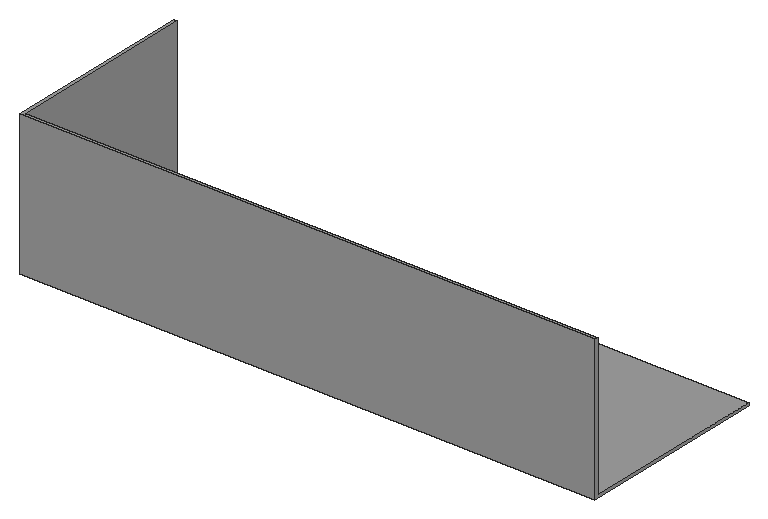
Revit family "Flashing_Preformed_Hyload_EndDam", category Generic Models, Revit 2015
Parameters (values of type "12 inch")
  Unit Width = 1' - 0"
  Unit Height = 0' - 3"
  Unit Depth = 0' - 4"
  URL = "http://www.hyload.com/"
  Thickness = 0' - 0 1/16"
  Specification = "http://www.arcat.com/sdspecs/htm04/07_65_00hyl.htm"
  Sales Information = "http://www.hyload.com/contact-us"
  Revision = "R1_12-2015"
  Product Properties = "http://www.hyload.com/masonry-flashing/preformed-shapes/"
  Product Data = "http://www.arcat.com/arcatcos/cos33/arc33176.html"
  Model = "12 in End Dam"
  Manufacturer Website = "http://www.hyload.com/"
  Manufacturer Phone - Toll Free = "800-457-4056"
  Manufacturer Phone = "330-769-3546"
  Manufacturer Fax = "330-769-4153"
  Manufacturer Address = "5020 Panther Pkwy., Seville, OH 44273"
  Manufacturer = "Hyload"
  Keynote = "07 65 00"
  Flashing Material = Hyload Flashing Membrane - Grey
  Drawn By = "Robert S. Weygant / Sumex Design"
  Description = "Preformed Hyload Masonry Flashing - 12 in End Dam"
  Copyright = "(c) ARCAT, Inc, 2015"
  Construction Details = "http://www.arcat.com/details/hyload/hyload.html?coid=33176"
  Assembly Code = "B3010400"
Types (5): name | Unit Width | Model | Description
  4 inch | 0' - 4" | "4 in End Dam" | "Preformed Hyload Masonry Flashing - 4 in End Dam"
  6 inch | 0' - 6" | "6 in End Dam" | "Preformed Hyload Masonry Flashing - 6 in End Dam"
  8 inch | 0' - 8" | "8 in End Dam" | "Preformed Hyload Masonry Flashing - 8 in End Dam"
  10 inch | 0' - 10" | "10 in End Dam" | "Preformed Hyload Masonry Flashing - 10 in End Dam"
  12 inch | 1' - 0" | "12 in End Dam" | "Preformed Hyload Masonry Flashing - 12 in End Dam"
Reference planes (in)
  plane 1 "Center (Front/Back)": y = 0
  plane 2: z = 0
  plane 3 "Center (Left/Right)": x = 0
  plane 4: y = 4
  plane 5: x = 12
  plane 6: z = 3
Forms (in)
  Extrusion 1, solid, material "Hyload Flashing Membrane - Grey" <- "Flashing Material"
    sketch origin (0, 0, 0) x (1, 0, 0) y (0, 1, 0)
      loop
        line (0, 4) -> (0, 0) -> (12, 0) -> (12, 4) -> (0, 4)
    from 0 to 0.0625 <- "Thickness"
  Extrusion 2, solid, material "Hyload Flashing Membrane - Grey" <- "Flashing Material"
    sketch origin (0, 0, 0) x (1, 0, 0) y (0, 1, 0)
      loop
        line (0, 4) -> (0, 0) -> (12, 0) -> (12, 0.0625) -> (0.0625, 0.0625) -> (0.0625, 4) -> (0, 4)
    from 0 to 3 <- "Unit Height"
Cuts and joins
  joined: Extrusion 1, Extrusion 2
Dimensions and locks (in)
  "Unit Depth": plane 1 "Center (Front/Back)" to plane 4
  "Unit Width": plane 3 "Center (Left/Right)" to plane 5
  "Unit Height": plane 6 to level
  "Thickness": plane 1 "Center (Front/Back)" to Extrusion 2 sketch curve
  "Thickness": plane 3 "Center (Left/Right)" to Extrusion 2 sketch curve
  plane 3 "Center (Left/Right)" to Extrusion 2 = 1' - 0"
  aligned and locked: plane 2 to level
  aligned and locked: Extrusion 1 sketch curve to plane 4
  aligned and locked: plane 3 "Center (Left/Right)" to Extrusion 1 sketch curve
  aligned and locked: Extrusion 1 sketch curve to plane 1 "Center (Front/Back)"
  aligned and locked: Extrusion 1 sketch curve to plane 5
  aligned and locked: plane 4 to Extrusion 2 sketch curve
  aligned and locked: Extrusion 2 sketch curve to plane 3 "Center (Left/Right)"
  aligned and locked: plane 1 "Center (Front/Back)" to Extrusion 2 sketch curve
  aligned and locked: plane 5 to Extrusion 2 sketch curve
  aligned and locked: Extrusion 2 to level
